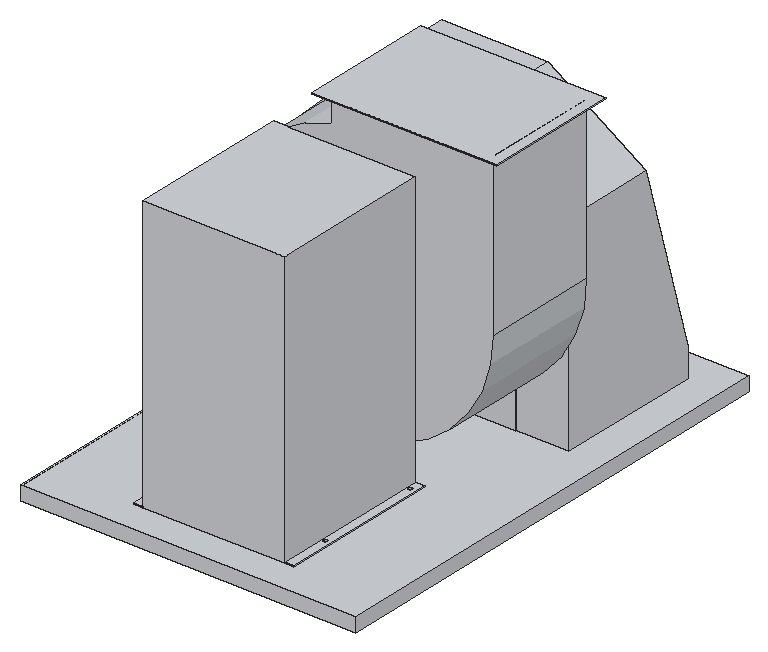
Revit family "CP_CURB_CAP_INLET_BOX", category Mechanical Equipment, Revit 2019
Family settings
  Round Connector Dimension = Use Diameter
  Part Type = Normal
  Work Plane-Based = No
  Always vertical = Yes
  Cut with Voids When Loaded = No
  Shared = No
  Room Calculation Point = No
Parameters (values of type "210 CP WITH CURB CAP AND INLET BOX")
  Z = 0' - 8 7/8"
  Y = 0' - 10 5/8"
  X = 2' - 2 3/16"
  W+M = W + M  # 1' - 11 1/8"
  W+1.5+K+L = W + 0' 1 1/2" + K + L  # 3' - 4 1/4"
  W+1.5 = W + 0' 1 1/2"  # 0' - 6 1/2"
  W = 0' - 5"
  V = 0' - 10"
  Unit Weight [instance] = ""
  U-.125 = U - 0' 0 1/8"  # 0' - 1 1/2"
  U = 0' - 1 5/8"
  T = 0' - 0 3/4"
  Sones [instance] = ""
  S/2 = S / 2  # 0' - 0 9/32"
  S = 0' - 0 9/16"
  R = 0' - 1"
  Q = 0' - 4"
  P-U = P - U  # 3' - 7 3/4"
  P = 3' - 9 3/8"
  N = 1' - 5 7/8"
  Motor RPM [instance] = ""
  Motor Enclosure [instance] = ""
  ModelID [instance] = ""
  M = 1' - 6 1/8"
  LwA [instance] = ""
  L = 1' - 6 3/4"
  K = 1' - 3"
  J = 1' - 7 5/16"
  HEIGHT*.9 = P * 0.9  # 3' - 4.8375"
  H = 3' - 2 7/8"
  G-V = G - V  # 0' - 1 3/8"
  G = 0' - 11 3/8"
  Fan RPM [instance] = ""
  F-.125 = F - 0' 0 1/8"  # 1' - 5"
  F = 1' - 5 1/8"
  E-U = E - U  # 3' - 2 5/16"
  E-B-U = 3' - 1 5/16"
  E = 3' - 3 15/16"
  D = 2' - 1 3/8"
  CAP_J/2 = CAP_J / 2  # 1' - 11 3/4"
  CAP_J = 3' - 11 1/2"
  CAP_H = 5' - 9 1/2"
  CAP_G/2 = CAP_G / 2  # 1' - 6 13/16"
  CAP_G*.3 = CAP_G * 0.2  # 0' - 7.525"
  CAP_G = 3' - 1 5/8"
  CAP_F = 0' - 4 15/16"
  CAP_E+CAP_D = CAP_E + CAP_D  # 2' - 1 5/8"
  CAP_E = 0' - 4 5/8"  # constant formula
  CAP_D/2 = CAP_D / 2  # 0' - 10 1/2"
  CAP_D = 1' - 9"
  C/8*7 = C / 8 * 2.5  # 0' - 8 27/256"
  C/8 = C / 6  # 0' - 4.32292"
  C/2 = C / 2  # 1' - 0 31/32"
  C = 2' - 1 15/16"
  Brake Hp [instance] = ""
  B = 1' - 11"
  Accessories [instance] = ""
  A+.25 = A + 0' 0 1/4"  # 1' - 4 5/16"
  A = 1' - 4 1/16"
  CUT = 0' - 2"
  4" = 0' - 4"  # constant formula
  135 = 133.625°
  1'8" = 1' - 8"  # constant formula
  0 = 0' - 0"  # constant formula
  Voltage [instance] = 0 V
  URL = "www.lorencook.com"
  Type Comments = "CP WITH CURB CAP AND INLET BOX"  # constant formula
  Static Pressure [instance] = 0.00 in-wg
  Power [instance] = Voltage * Motor FLA * sqrt(if(Phase = 3, 3, 1))  # 0 VA
  Phase [instance] = 0
  Number of Poles [instance] = 1
  Motor Hp [instance] = "0"
  Motor FLA [instance] = 0 A
  Model = "CP WITH CURB CAP AND INLET BOX"  # constant formula
  Manufacturer = "Loren Cook Company"
  CFM [instance] = 0 CFM
  1.5 = 0' - 1 1/2"  # constant formula
  ONE EIGTH = 0' - 0 1/8"  # constant formula
  -CAP_E = -(CAP_E)  # -0' - 4 5/8"
  -1.5 = -0' - 1 1/2"  # constant formula
  -.125 = -0' - 0 1/8"  # constant formula
  -(CAP_G/2) = -(CAP_G / 2)  # -1' - 6 13/16"
  -(CAP_D+CAP_E) = -(CAP_D + CAP_E)  # -2' - 1 5/8"
  -(A+.25) = -(A + 0' 0 1/4")  # -1' - 4 5/16"
  (C/2)-1.5 = (C / 2) - 0' 1 1/2"  # 0' - 11 15/32"
  (C/2)-.25 = (C / 2) - 0' 0 1/4"  # 1' - 0 23/32"
Types (14): name | Z | Y | X | W+M | W+1.5+K+L | W+1.5 | W | V | U-.125 | U | T | S/2 | S | R | Q | P-U | P | N | M | L | K | J | HEIGHT*.9 | H | G-V | G | F-.125 | F | E-U | E | D | CAP_J/2 | CAP_J | CAP_H | CAP_G/2 | CAP_G*.3 | CAP_G | CAP_F | CAP_E+CAP_D | CAP_D/2 | CAP_D | C/8*7 | C/8 | C/2 | C | B | A+.25 | A | CUT | -(CAP_G/2) | -(CAP_D+CAP_E) | -(A+.25) | (C/2)-1.5 | (C/2)-.25
  (no name) | 0' - 8 7/8" | 0' - 10 5/8" | 2' - 2 3/16" | 1' - 11 1/8" | 3' - 4 1/4" | 0' - 6 1/2" | 0' - 5" | 0' - 10" | 0' - 1 1/2" | 0' - 1 5/8" | 0' - 0 3/4" | 0' - 0 9/32" | 0' - 0 9/16" | 0' - 1" | 0' - 4" | 3' - 7 3/4" | 3' - 9 3/8" | 1' - 5 7/8" | 1' - 6 1/8" | 1' - 6 3/4" | 1' - 3" | 1' - 7 5/16" | 3' - 4.8375" | 3' - 2 7/8" | 0' - 1 3/8" | 0' - 11 3/8" | 1' - 5" | 1' - 5 1/8" | 3' - 2 5/16" | 3' - 3 15/16" | 2' - 1 3/8" | 1' - 11 3/4" | 3' - 11 1/2" | 5' - 9 1/2" | 1' - 6 13/16" | 0' - 7.525" | 3' - 1 5/8" | 0' - 4 15/16" | 2' - 1 5/8" | 0' - 10 1/2" | 1' - 9" | 0' - 8 27/256" | 0' - 4.32292" | 1' - 0 31/32" | 2' - 1 15/16" | 1' - 11" | 1' - 4 5/16" | 1' - 4 1/16" | 0' - 2" | -1' - 6 13/16" | -2' - 1 5/8" | -1' - 4 5/16" | 0' - 11 15/32" | 1' - 0 23/32"
  135 CP WITH CURB CAP AND INLET BOX | 0' - 6" | 0' - 8 5/8" | 1' - 5 15/16" | 1' - 7 1/8" | 2' - 6 1/2" | 0' - 5 1/2" | 0' - 4" | 0' - 8" | 0' - 1 1/2" | 0' - 1 5/8" | 0' - 0 3/4" | 0' - 0 9/32" | 0' - 0 9/16" | 0' - 0 3/4" | 0' - 3" | 2' - 6 1/4" | 2' - 7 7/8" | 1' - 0 1/8" | 1' - 3 1/8" | 1' - 1" | 1' - 0" | 1' - 1 1/2" | 2' - 4 11/16" | 2' - 3" | 0' - 1 3/8" | 0' - 9 3/8" | 0' - 10 7/8" | 0' - 11" | 2' - 0 1/16" | 2' - 1 11/16" | 1' - 6" | 1' - 4 3/4" | 2' - 9 1/2" | 4' - 5 1/2" | 1' - 0 1/2" | 0' - 5" | 2' - 1" | 0' - 4 5/8" | 1' - 6 5/8" | 0' - 7" | 1' - 2" | 0' - 5 65/128" | 0' - 2 15/16" | 0' - 8 13/16" | 1' - 5 5/8" | 1' - 2 3/4" | 0' - 10 9/16" | 0' - 10 5/16" | 0' - 2" | -1' - 0 1/2" | -1' - 6 5/8" | -0' - 10 9/16" | 0' - 7 5/16" | 0' - 8 9/16"
  150 CP WITH CURB CAP AND INLET BOX | 0' - 6 9/16" | 0' - 8 5/8" | 1' - 7 5/8" | 1' - 7 1/8" | 2' - 7 5/8" | 0' - 5 1/2" | 0' - 4" | 0' - 8" | 0' - 1 1/2" | 0' - 1 5/8" | 0' - 0 3/4" | 0' - 0 9/32" | 0' - 0 9/16" | 0' - 0 3/4" | 0' - 3" | 2' - 8 3/4" | 2' - 10 3/8" | 1' - 1 1/4" | 1' - 3 1/8" | 1' - 2 1/8" | 1' - 0" | 1' - 2 5/8" | 2' - 6 15/16" | 2' - 5 1/16" | 0' - 1 3/8" | 0' - 9 3/8" | 1' - 0 1/16" | 1' - 0 3/16" | 2' - 2 7/8" | 2' - 4 1/2" | 1' - 7 1/16" | 1' - 6 1/4" | 3' - 0 1/2" | 4' - 7 1/2" | 1' - 1 11/16" | 0' - 5.475" | 2' - 3 3/8" | 0' - 4 9/16" | 1' - 8" | 0' - 7 11/16" | 1' - 3 3/8" | 0' - 5 125/128" | 0' - 3 3/16" | 0' - 9 9/16" | 1' - 7 1/8" | 1' - 4 7/16" | 0' - 11 11/16" | 0' - 11 7/16" | 0' - 2" | -1' - 1 11/16" | -1' - 8" | -0' - 11 11/16" | 0' - 8 1/16" | 0' - 9 5/16"
  165 CP WITH CURB CAP AND INLET BOX | 0' - 7 3/16" | 0' - 8 5/8" | 1' - 9 1/4" | 1' - 7 1/8" | 2' - 8 13/16" | 0' - 5 1/2" | 0' - 4" | 0' - 8" | 0' - 1 1/2" | 0' - 1 5/8" | 0' - 0 3/4" | 0' - 0 9/32" | 0' - 0 9/16" | 0' - 0 3/4" | 0' - 3" | 2' - 11 3/16" | 3' - 0 13/16" | 1' - 2 7/16" | 1' - 3 1/8" | 1' - 3 5/16" | 1' - 0" | 1' - 3 13/16" | 2' - 9.13125" | 2' - 7 7/16" | 0' - 1 3/8" | 0' - 9 3/8" | 1' - 1 1/4" | 1' - 1 3/8" | 2' - 5 11/16" | 2' - 7 5/16" | 1' - 8 7/16" | 1' - 7 1/4" | 3' - 2 1/2" | 4' - 10 1/2" | 1' - 2 13/16" | 0' - 5.925" | 2' - 5 5/8" | 0' - 4 5/8" | 1' - 9 1/4" | 0' - 8 5/16" | 1' - 4 5/8" | 0' - 6 159/256" | 0' - 3 17/32" | 0' - 10 19/32" | 1' - 9 3/16" | 1' - 6 1/16" | 1' - 0 7/8" | 1' - 0 5/8" | 0' - 2" | -1' - 2 13/16" | -1' - 9 1/4" | -1' - 0 7/8" | 0' - 9 3/32" | 0' - 10 11/32"
  180 CP WITH CURB CAP AND INLET BOX | 0' - 7 3/4" | 0' - 9 5/8" | 1' - 10 7/8" | 1' - 7 1/8" | 2' - 9 15/16" | 0' - 5 1/2" | 0' - 4" | 0' - 9" | 0' - 1 1/2" | 0' - 1 5/8" | 0' - 0 3/4" | 0' - 0 9/32" | 0' - 0 9/16" | 0' - 1" | 0' - 3" | 3' - 2 1/16" | 3' - 3 11/16" | 1' - 3 9/16" | 1' - 3 1/8" | 1' - 4 7/16" | 1' - 0" | 1' - 4 15/16" | 2' - 11 23/32" | 2' - 9 9/16" | 0' - 1 3/8" | 0' - 10 3/8" | 1' - 2 1/2" | 1' - 2 5/8" | 2' - 8 9/16" | 2' - 10 3/16" | 1' - 10 1/16" | 1' - 8 1/4" | 3' - 4 1/2" | 5' - 0 1/2" | 1' - 4" | 0' - 6.4" | 2' - 8" | 0' - 4 5/8" | 1' - 10 5/8" | 0' - 9" | 1' - 6" | 0' - 7 23/256" | 0' - 3 25/32" | 0' - 11 11/32" | 1' - 10 11/16" | 1' - 7 11/16" | 1' - 2" | 1' - 1 3/4" | 0' - 2" | -1' - 4" | -1' - 10 5/8" | -1' - 2" | 0' - 9 27/32" | 0' - 11 3/32"
  195 CP WITH CURB CAP AND INLET BOX | 0' - 8 5/16" | 0' - 9 5/8" | 2' - 0 1/2" | 1' - 10 1/8" | 3' - 2 1/8" | 0' - 5 1/2" | 0' - 4" | 0' - 9" | 0' - 1 1/2" | 0' - 1 5/8" | 0' - 0 3/4" | 0' - 0 9/32" | 0' - 0 9/16" | 0' - 1" | 0' - 3" | 3' - 3 1/4" | 3' - 4 7/8" | 1' - 4 3/4" | 1' - 6 1/8" | 1' - 5 5/8" | 1' - 3" | 1' - 6 3/16" | 3' - 0.7875" | 2' - 11 11/16" | 0' - 1 3/8" | 0' - 10 3/8" | 1' - 3 11/16" | 1' - 3 13/16" | 2' - 11 3/8" | 3' - 1" | 1' - 11 11/16" | 1' - 9 3/4" | 3' - 7 1/2" | 5' - 6 1/2" | 1' - 5 3/16" | 0' - 6 7/8" | 2' - 10 3/8" | 0' - 4 7/8" | 2' - 0" | 0' - 9 11/16" | 1' - 7 3/8" | 0' - 7 143/256" | 0' - 4 1/32" | 1' - 0 3/32" | 2' - 0 3/16" | 1' - 9 5/16" | 1' - 3 3/16" | 1' - 2 15/16" | 0' - 2" | -1' - 5 3/16" | -2' - 0" | -1' - 3 3/16" | 0' - 10 19/32" | 0' - 11 27/32"
  210 CP WITH CURB CAP AND INLET BOX | 0' - 8 7/8" | 0' - 10 5/8" | 2' - 2 3/16" | 1' - 11 1/8" | 3' - 4 1/4" | 0' - 6 1/2" | 0' - 5" | 0' - 10" | 0' - 1 1/2" | 0' - 1 5/8" | 0' - 0 3/4" | 0' - 0 9/32" | 0' - 0 9/16" | 0' - 1" | 0' - 4" | 3' - 7 3/4" | 3' - 9 3/8" | 1' - 5 7/8" | 1' - 6 1/8" | 1' - 6 3/4" | 1' - 3" | 1' - 7 5/16" | 3' - 4.8375" | 3' - 2 7/8" | 0' - 1 3/8" | 0' - 11 3/8" | 1' - 5" | 1' - 5 1/8" | 3' - 2 5/16" | 3' - 3 15/16" | 2' - 1 3/8" | 1' - 11 3/4" | 3' - 11 1/2" | 5' - 9 1/2" | 1' - 6 13/16" | 0' - 7.525" | 3' - 1 5/8" | 0' - 4 15/16" | 2' - 1 5/8" | 0' - 10 1/2" | 1' - 9" | 0' - 8 27/256" | 0' - 4.32292" | 1' - 0 31/32" | 2' - 1 15/16" | 1' - 11" | 1' - 4 5/16" | 1' - 4 1/16" | 0' - 2" | -1' - 6 13/16" | -2' - 1 5/8" | -1' - 4 5/16" | 0' - 11 15/32" | 1' - 0 23/32"
  225 CP WITH CURB CAP AND INLET BOX | 0' - 9 7/16" | 0' - 11 1/8" | 2' - 3 13/16" | 1' - 11 1/8" | 3' - 5 3/8" | 0' - 6 1/2" | 0' - 5" | 0' - 10 1/2" | 0' - 1 1/2" | 0' - 1 5/8" | 0' - 0 3/4" | 0' - 0 9/32" | 0' - 0 9/16" | 0' - 1" | 0' - 4" | 3' - 10" | 3' - 11 5/8" | 1' - 7" | 1' - 6 1/8" | 1' - 7 7/8" | 1' - 3" | 1' - 8 7/16" | 3' - 6.8625" | 3' - 5" | 0' - 1 3/8" | 0' - 11 7/8" | 1' - 6 3/16" | 1' - 6 5/16" | 3' - 5 1/8" | 3' - 6 3/4" | 2' - 3" | 2' - 0 3/4" | 4' - 1 1/2" | 6' - 0 1/2" | 1' - 8 1/16" | 0' - 8.025" | 3' - 4 1/8" | 0' - 4 11/16" | 2' - 3 1/8" | 0' - 11 1/4" | 1' - 10 1/2" | 0' - 8 147/256" | 0' - 4.57292" | 1' - 1 23/32" | 2' - 3 7/16" | 2' - 0 5/8" | 1' - 5 7/16" | 1' - 5 3/16" | 0' - 2" | -1' - 8 1/16" | -2' - 3 1/8" | -1' - 5 7/16" | 1' - 0 7/32" | 1' - 1 15/32"
  245 CP WITH CURB CAP AND INLET BOX | 0' - 10 1/2" | 1' - 0 3/8" | 2' - 7" | 1' - 11 1/8" | 3' - 7 3/16" | 0' - 6 1/2" | 0' - 5" | 0' - 11 1/2" | 0' - 2" | 0' - 2 1/8" | 0' - 1" | 0' - 0 11/32" | 0' - 0 11/16" | 0' - 1" | 0' - 4" | 4' - 1 1/4" | 4' - 3 3/8" | 1' - 9 1/16" | 1' - 6 1/8" | 1' - 9 11/16" | 1' - 3" | 1' - 11" | 3' - 10.2375" | 3' - 8 5/8" | 0' - 1 7/8" | 1' - 1 3/8" | 1' - 7 3/4" | 1' - 7 7/8" | 3' - 8 3/8" | 3' - 10 1/2" | 2' - 5 5/8" | 2' - 1 3/4" | 4' - 3 1/2" | 6' - 3 1/2" | 1' - 9 1/4" | 0' - 8 1/2" | 3' - 6 1/2" | 0' - 4 7/8" | 2' - 4 5/8" | 1' - 0" | 2' - 0" | 0' - 9 51/256" | 0' - 4 29/32" | 1' - 2 23/32" | 2' - 5 7/16" | 2' - 2 13/16" | 1' - 7" | 1' - 6 3/4" | 0' - 2" | -1' - 9 1/4" | -2' - 4 5/8" | -1' - 7" | 1' - 1 7/32" | 1' - 2 15/32"
  120 CP WITH CURB CAP AND INLET BOX | 0' - 5 7/16" | 0' - 8 5/8" | 1' - 4 5/16" | 1' - 5 1/8" | 2' - 3 3/8" | 0' - 5 1/2" | 0' - 4" | 0' - 8" | 0' - 1 1/2" | 0' - 1 5/8" | 0' - 0 3/4" | 0' - 0 9/32" | 0' - 0 9/16" | 0' - 0 3/4" | 0' - 3" | 2' - 5 3/4" | 2' - 7 3/8" | 0' - 11" | 1' - 1 1/8" | 0' - 11 7/8" | 0' - 10" | 1' - 0 3/8" | 2' - 4.2375" | 2' - 2 1/4" | 0' - 1 3/8" | 0' - 9 3/8" | 0' - 9 5/8" | 0' - 9 3/4" | 1' - 9 3/16" | 1' - 10 13/16" | 1' - 6" | 1' - 3 3/4" | 2' - 7 1/2" | 4' - 0 1/2" | 0' - 11 5/16" | 0' - 4.525" | 1' - 10 5/8" | 0' - 4 5/8" | 1' - 5 3/8" | 0' - 6 3/8" | 1' - 0 3/4" | 0' - 5 5/128" | 0' - 2 11/16" | 0' - 8 1/16" | 1' - 4 1/8" | 1' - 1 1/8" | 0' - 9 7/16" | 0' - 9 3/16" | 0' - 2 1/2" | -0' - 11 5/16" | -1' - 5 3/8" | -0' - 9 7/16" | 0' - 6 9/16" | 0' - 7 13/16"
  100 CP WITH CURB CAP AND INLET BOX | 0' - 4 5/8" | 0' - 8 5/8" | 1' - 2 1/16" | 1' - 5 1/8" | 2' - 1 3/4" | 0' - 5 1/2" | 0' - 4" | 0' - 8" | 0' - 1 1/2" | 0' - 1 5/8" | 0' - 0 3/4" | 0' - 0 9/32" | 0' - 0 9/16" | 0' - 0 3/4" | 0' - 3" | 2' - 5 1/8" | 2' - 6 3/4" | 0' - 9 3/8" | 1' - 1 1/8" | 0' - 10 1/4" | 0' - 10" | 0' - 10 3/4" | 2' - 3.675" | 2' - 1 1/4" | 0' - 1 3/8" | 0' - 9 3/8" | 0' - 8" | 0' - 8 1/8" | 1' - 5 3/8" | 1' - 7" | 1' - 6" | 1' - 3 3/4" | 2' - 7 1/2" | 3' - 11 1/2" | 0' - 11 5/16" | 0' - 4.525" | 1' - 10 5/8" | 0' - 4 5/8" | 1' - 5 3/8" | 0' - 6 3/8" | 1' - 0 3/4" | 0' - 4 53/128" | 0' - 2.35417" | 0' - 7 1/16" | 1' - 2 1/8" | 0' - 10 15/16" | 0' - 7 13/16" | 0' - 7 9/16" | 0' - 3 1/2" | -0' - 11 5/16" | -1' - 5 3/8" | -0' - 7 13/16" | 0' - 5 9/16" | 0' - 6 13/16"
  60 CP WITH CURB CAP AND INLET BOX | 0' - 4 5/8" | 0' - 8 5/8" | 1' - 2 1/16" | 1' - 5 1/8" | 2' - 1 3/4" | 0' - 5 1/2" | 0' - 4" | 0' - 8" | 0' - 1 1/2" | 0' - 1 5/8" | 0' - 0 3/4" | 0' - 0 9/32" | 0' - 0 9/16" | 0' - 0 3/4" | 0' - 3" | 2' - 5 1/8" | 2' - 6 3/4" | 0' - 9 3/8" | 1' - 1 1/8" | 0' - 10 1/4" | 0' - 10" | 0' - 10 3/4" | 2' - 3.675" | 2' - 1 1/4" | 0' - 1 3/8" | 0' - 9 3/8" | 0' - 8" | 0' - 8 1/8" | 1' - 5 3/8" | 1' - 7" | 1' - 6" | 1' - 3 3/4" | 2' - 7 1/2" | 3' - 11 1/2" | 0' - 11 5/16" | 0' - 4.525" | 1' - 10 5/8" | 0' - 4 5/8" | 1' - 5 3/8" | 0' - 6 3/8" | 1' - 0 3/4" | 0' - 4 53/128" | 0' - 2.35417" | 0' - 7 1/16" | 1' - 2 1/8" | 0' - 10 15/16" | 0' - 7 13/16" | 0' - 7 9/16" | 0' - 3 1/2" | -0' - 11 5/16" | -1' - 5 3/8" | -0' - 7 13/16" | 0' - 5 9/16" | 0' - 6 13/16"
  70 CP WITH CURB CAP AND INLET BOX | 0' - 4 5/8" | 0' - 8 5/8" | 1' - 2 1/16" | 1' - 5 1/8" | 2' - 1 3/4" | 0' - 5 1/2" | 0' - 4" | 0' - 8" | 0' - 1 1/2" | 0' - 1 5/8" | 0' - 0 3/4" | 0' - 0 9/32" | 0' - 0 9/16" | 0' - 0 3/4" | 0' - 3" | 2' - 5 1/8" | 2' - 6 3/4" | 0' - 9 3/8" | 1' - 1 1/8" | 0' - 10 1/4" | 0' - 10" | 0' - 10 3/4" | 2' - 3.675" | 2' - 1 1/4" | 0' - 1 3/8" | 0' - 9 3/8" | 0' - 8" | 0' - 8 1/8" | 1' - 5 3/8" | 1' - 7" | 1' - 6" | 1' - 3 3/4" | 2' - 7 1/2" | 3' - 11 1/2" | 0' - 11 5/16" | 0' - 4.525" | 1' - 10 5/8" | 0' - 4 5/8" | 1' - 5 3/8" | 0' - 6 3/8" | 1' - 0 3/4" | 0' - 4 53/128" | 0' - 2.35417" | 0' - 7 1/16" | 1' - 2 1/8" | 0' - 10 15/16" | 0' - 7 13/16" | 0' - 7 9/16" | 0' - 3 1/2" | -0' - 11 5/16" | -1' - 5 3/8" | -0' - 7 13/16" | 0' - 5 9/16" | 0' - 6 13/16"
  80 CP WITH CURB CAP AND INLET BOX | 0' - 4 5/8" | 0' - 8 5/8" | 1' - 2 1/16" | 1' - 5 1/8" | 2' - 1 3/4" | 0' - 5 1/2" | 0' - 4" | 0' - 8" | 0' - 1 1/2" | 0' - 1 5/8" | 0' - 0 3/4" | 0' - 0 9/32" | 0' - 0 9/16" | 0' - 0 3/4" | 0' - 3" | 2' - 5 1/8" | 2' - 6 3/4" | 0' - 9 3/8" | 1' - 1 1/8" | 0' - 10 1/4" | 0' - 10" | 0' - 10 3/4" | 2' - 3.675" | 2' - 1 1/4" | 0' - 1 3/8" | 0' - 9 3/8" | 0' - 8" | 0' - 8 1/8" | 1' - 5 3/8" | 1' - 7" | 1' - 6" | 1' - 3 3/4" | 2' - 7 1/2" | 3' - 11 1/2" | 0' - 11 5/16" | 0' - 4.525" | 1' - 10 5/8" | 0' - 4 5/8" | 1' - 5 3/8" | 0' - 6 3/8" | 1' - 0 3/4" | 0' - 4 53/128" | 0' - 2.35417" | 0' - 7 1/16" | 1' - 2 1/8" | 0' - 10 15/16" | 0' - 7 13/16" | 0' - 7 9/16" | 0' - 3 1/2" | -0' - 11 5/16" | -1' - 5 3/8" | -0' - 7 13/16" | 0' - 5 9/16" | 0' - 6 13/16"
Reference planes (in)
  plane 1 "Center (Front/Back)": y = 0
  plane 2: z = 0
  plane 3 "Center (Left/Right)": x = 0.40541
Forms (in)
  Extrusion 1, solid
    sketch origin (0, 0, 0) x (1, 0, 0) y (0, 1, 0)
      loop
        line (-9.59459, 0) -> (-9.59459, -23.125) -> (10.40541, -23.125) -> (10.40541, 0) -> (-9.59459, 0)
    from 0 to 38.875 <- "H"
  Extrusion 2, solid
    sketch origin (0, 0, 0) x (1, 0, 0) y (0, 1, 0)
      loop
        line (-9.59459, 0) -> (-10.96959, 0) -> (-10.96959, -23.125) -> (-9.59459, -23.125) -> (-9.59459, 0)
      loop
        line (10.40541, 0) -> (10.40541, -23.125) -> (11.78041, -23.125) -> (11.78041, 0) -> (10.40541, 0)
    from 0 to 0.125 <- "ONE EIGTH"
  Extrusion 3, solid
    sketch origin (0, 0, 0) x (1, 0, 0) y (0, 1, 0)
      loop
        line (-10.96959, 17.875) -> (-10.96959, 16.3125) -> (11.78041, 16.3125) -> (11.78041, 17.875) -> (-10.96959, 17.875)
    from 0 to 0.125 <- "ONE EIGTH"
  Extrusion 4, solid
    sketch origin (11.78041, 16.3125, 0) x (-1, 0, 0) y (0, 0, -1)
      loop
        line (22.75, 0) -> (0, 0) -> (0, -25.375) -> (22.75, -25.375) -> (22.75, 0)
    from 0 to 0.125 <- "ONE EIGTH"
  Extrusion 5, void
    sketch origin (11.78041, 16.3125, 0) x (1, 0, 0) y (0, 0, -1)
      loop
        circle (-11.375, -25.375) r 12.96875
    from -0.125 <- "-.125" to 0 <- "0"
  Extrusion 6, void
    sketch origin (0, 0, 0) x (1, 0, 0) y (0, 1, 0)
      loop
        circle (11.03041, -1.625) r 0.28125
      loop
        circle (11.03041, -16.625) r 0.28125
      loop
        circle (-10.21959, -16.625) r 0.28125
      loop
        circle (-10.21959, -1.625) r 0.28125
    from -12 to 12
  Extrusion 7, void
    sketch origin (0, 0, 0) x (1, 0, 0) y (0, 1, 0)
      loop
        circle (11.03041, 17.125) r 0.28125
      loop
        circle (-10.21959, 17.125) r 0.28125
    from -0.125 <- "-.125" to 0.125 <- "ONE EIGTH"
  Extrusion 8, solid
    sketch origin (11.78041, 16.1875, 0) x (-1, 0, 0) y (0, 0, -1)
      loop
        circle (11.375, -25.375) r 12.96875
      loop
        circle (11.375, -25.375) r 12.71875
    from 0 to -1.5 <- "-1.5"
  Extrusion 9, solid
    sketch origin (0, 0, 0) x (1, 0, 0) y (0, 0, 1)
      loop
        arc (-1.40709, 41.375) -> (-9.67387, 7.76594) -> (21.59291, 22.60834) r 19.15625
        line (21.59291, 22.60834) -> (21.59291, 45.375) -> (-1.40709, 45.375) -> (-1.40709, 41.375)
    from 0 to -16.3125 <- "-(A+.25)"
  Extrusion 10, solid
    sketch origin (-1.40709, 0, 45.375) x (1, 0, 0) y (0, 1, 0)
      loop
        line (-1.5625, -1.5) -> (24.625, -1.5) -> (24.625, 17.8125) -> (-1.5625, 17.8125) -> (-1.5625, -1.5)
    from 0 to 0.125 <- "ONE EIGTH"
  Revolve 11, void
    sketch origin (0.40541, 0, 0) x (0, 1, 0) y (0, 0, 1)
      loop
        line (16.3125, 36.84375) -> (11.98958, 33.48047) -> (11.98958, 25.375) -> (16.3125, 25.375) -> (16.3125, 36.84375)
      axis (11.98958, 25.375) -> (16.3125, 25.375)
    angle from 0 to 360
  Extrusion 12, solid
    sketch origin (0, 0, 0) x (1, 0, 0) y (0, 1, 0)
      loop
        line (-23.34459, 41.8125) -> (-23.34459, -27.6875) -> (24.15541, -27.6875) -> (24.15541, 41.8125) -> (-23.34459, 41.8125)
    from 0 to -2
  Extrusion 13, void
    sketch origin (0, 0, 0) x (1, 0, 0) y (0, 1, 0)
      loop
        line (-23.21959, 41.6875) -> (-23.21959, -27.5625) -> (24.03041, -27.5625) -> (24.03041, 41.6875) -> (-23.21959, 41.6875)
    from -0.125 to -2
  Extrusion 14, solid
    sketch origin (0.40541, 0, 0) x (0, 1, 0) y (0, 0, 1)
      loop
        line (16.1875, 0) -> (37.1875, 0) -> (37.1875, 4) -> (26.6875, 40.8375) -> (16.1875, 40.8375) -> (16.1875, 0)
    from -18.8125 <- "-(CAP_G/2)" to 18.8125 <- "CAP_G/2"
  Extrusion 15, void
    sketch origin (0.40541, 37.1875, 4) x (0, 0, 1) y (-1, 0, 0)
      loop
        line (36.8375, -18.8125) -> (36.8375, -7.525) -> (25.55, -18.8125) -> (36.8375, -18.8125)
      loop
        line (36.8375, 18.8125) -> (25.55, 18.8125) -> (36.8375, 7.525) -> (36.8375, 18.8125)
    from 0 to 21 <- "CAP_D"
Cuts and joins
  Extrusion 5, Extrusion 7, Revolve 11 cuts Extrusion 4
  Extrusion 6 cuts Extrusion 1
  Extrusion 6 cuts Extrusion 2
  Extrusion 7 cuts Extrusion 3
  Revolve 11, Extrusion 15 cuts Extrusion 8
  Revolve 11 cuts Extrusion 9
  Extrusion 13 cuts Extrusion 12
  Extrusion 15 cuts Extrusion 14
Dimensions and locks (in)
  "0": Extrusion 1 sketch curve to plane 1 "Center (Front/Back)"
  "W+M": plane 1 "Center (Front/Back)" to Extrusion 1 sketch curve
  "V": plane 3 "Center (Left/Right)" to Extrusion 1 sketch curve
  "V": Extrusion 1 sketch curve to plane 3 "Center (Left/Right)"
  "0": Extrusion 2 sketch curve to plane 1 "Center (Front/Back)"  (x2)
  "0": Extrusion 1 to Extrusion 2 sketch curve  (x2)
  "0": Extrusion 2 sketch curve to Extrusion 1  (x2)
  "G-V": Extrusion 2 sketch curve to Extrusion 2 sketch curve  (x2)
  "N": plane 1 "Center (Front/Back)" to Extrusion 3 sketch curve
  "A+.25": Extrusion 3 sketch curve to plane 1 "Center (Front/Back)"
  "0": Extrusion 2 to Extrusion 3 sketch curve  (x2)
  "0": Extrusion 1 to Extrusion 4 sketch curve
  "D": Extrusion 4 sketch curve to Extrusion 4 sketch curve
  "0": Extrusion 4 sketch curve to Extrusion 2  (x2)
  "D": Extrusion 1 to Extrusion 5 sketch curve
  "V": Extrusion 1 to Extrusion 5 sketch curve
  "Y": plane 3 "Center (Left/Right)" to Extrusion 6 sketch curve  (x2)
  "Y": Extrusion 6 sketch curve to plane 3 "Center (Left/Right)"  (x2)
  "W+1.5": Extrusion 1 to Extrusion 6 sketch curve  (x2)
  "K": Extrusion 6 sketch curve to Extrusion 6 sketch curve  (x2)
  "W+1.5+K+L": cut or joined group of Extrusion 1, Extrusion 6 to Extrusion 7 sketch curve  (x2)
  "V": cut or joined group of Extrusion 1, Extrusion 6 to Extrusion 8 sketch curve  (x2)
  "D": Extrusion 8 sketch curve to cut or joined group of Extrusion 1, Extrusion 6  (x2)
  "T": Extrusion 7 sketch curve to cut or joined group of Extrusion 3, Extrusion 7
  "T": cut or joined group of Extrusion 3, Extrusion 7 to Extrusion 7 sketch curve
  "E-U": Extrusion 9 sketch curve to Extrusion 9 sketch curve
  "B": Extrusion 9 sketch curve to Extrusion 9 sketch curve
  "F": plane 3 "Center (Left/Right)" to Extrusion 9 sketch curve
  "P": Extrusion 9 sketch curve to level
  "X": Extrusion 10 sketch curve to Extrusion 10 sketch curve
  "U-.125": Extrusion 10 sketch curve to Extrusion 9
  "J": Extrusion 10 sketch curve to Extrusion 10 sketch curve
  "U": Extrusion 9 to Extrusion 10 sketch curve
  "4"": Extrusion 9 sketch curve to Extrusion 9 sketch curve
  "D": Revolve 11 sketch curve to level  (x2)
  "(C/2)-1.5": Revolve 11 sketch curve to Revolve 11 sketch curve
  "C/8": Revolve 11 sketch curve to Revolve 11 sketch curve
  "C/8*7": Revolve 11 sketch curve to Revolve 11 sketch curve
  "0": Revolve 11 sketch curve to Extrusion 9
  "CAP_J/2": plane 3 "Center (Left/Right)" to Extrusion 12 sketch curve
  "CAP_J/2": Extrusion 12 sketch curve to plane 3 "Center (Left/Right)"
  "CAP_H": Extrusion 12 sketch curve to Extrusion 12 sketch curve
  "CAP_E+CAP_D": cut or joined group of Extrusion 4, Extrusion 5, Extrusion 7, Revolve 11 to Extrusion 12 sketch curve
  "ONE EIGTH": Extrusion 12 to Extrusion 13 sketch curve
  "ONE EIGTH": Extrusion 13 sketch curve to Extrusion 12  (x3)
  "0": Extrusion 14 sketch curve to level
  "HEIGHT*.9": Extrusion 14 sketch curve to level
  "CAP_E": Extrusion 14 sketch curve to cut or joined group of Extrusion 12, Extrusion 13
  "CAP_D": Extrusion 14 sketch curve to Extrusion 14 sketch curve
  "4"": Extrusion 14 sketch curve to level
  "CAP_D/2": Extrusion 14 sketch curve to Extrusion 14 sketch curve
  "0": Extrusion 15 sketch curve to Extrusion 14  (x4)
  "CAP_G*.3": Extrusion 15 sketch curve to plane 3 "Center (Left/Right)"  (x2)
  "C/2": radius of Extrusion 5 sketch curve
  "S/2": radius of Extrusion 6 sketch curve  (x4)
  "S/2": radius of Extrusion 7 sketch curve  (x2)
  "C/2": radius of Extrusion 8 sketch curve
  "(C/2)-.25": radius of Extrusion 8 sketch curve
  angle Extrusion 14 to Extrusion 15 sketch curve = 135.00°
  angle Extrusion 15 sketch curve to Extrusion 14 = 135.00°
Automatic sketch dimensions
  Revolve 11 sketch curve to Revolve 11 sketch curve = 0' - 0"
  Revolve 11 sketch curve to Revolve 11 sketch curve = 1' - 1"
Connectors (in)
  electrical at (-9.59459, -11.5625, 19.4375)
    settings: on cut or joined group of Extrusion 1, Extrusion 6, index 1, voltage 0 V, apparent load 0 VA, apparent load phase1 0 VA, apparent load phase2 0 VA, apparent load phase3 0 VA, power factor 1, load classification "Other", number of poles 1, system type 30, power factor state 1, is connector primary yes, connector utility no, sub classification motor no, connector description ""
  hvac at (10.12416, 8.15625, 45.375), driven by "B", driven by "A"
    settings: on Extrusion 10, index 3, duct flow 0 CFM, flow factor 0, pres drop 0.00 in-wg, loss coef 0, conn angle 0.00°, conn width 23", conn height 16 1/16", conn diameter 24", duct sys type 3, conn prof type 1, flow config 0, flow direction 2, loss method 0, conn ref index -1, conn util no, is conn primary yes, conn desc ""
  hvac at (0.40541, 26.6875, 0), driven by "CAP_D", driven by "CAP_G"
    settings: on cut or joined group of Extrusion 14, Extrusion 15, index 4, duct flow 0 CFM, flow factor 0, pres drop 0.00 in-wg, loss coef 0, conn angle 0.00°, conn width 37 5/8", conn height 21", conn diameter 24", duct sys type 3, conn prof type 1, flow config 0, flow direction 1, loss method 0, conn ref index -1, conn util no, is conn primary no, conn desc ""
